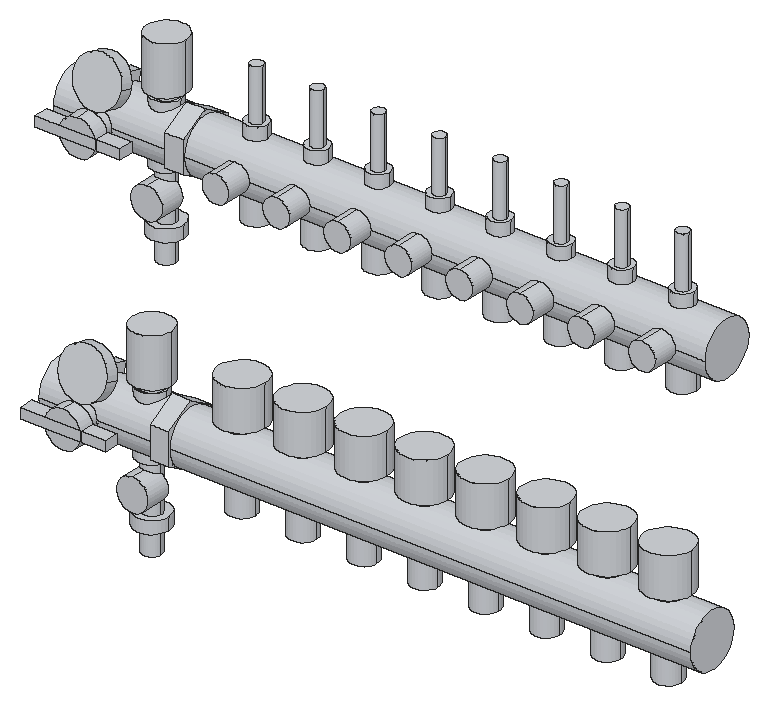
Revit family "318_f16c880827e94962872f661bd91b42", category Pipe Accessories, Revit 2017
Family settings
  Round Connector Dimension = Use Diameter
  Part Type = Valve - Normal
  Work Plane-Based = No
  Always vertical = Yes
  Cut with Voids When Loaded = No
  Shared = No
Parameters (values of type "R553FK108")
  magi_piping_qv_2_8 [instance] = 0.0 L/s
  magi_piping_qv_2_7 [instance] = 0.0 L/s
  magi_piping_qv_2_6 [instance] = 0.0 L/s
  magi_piping_qv_2_5 [instance] = 0.0 L/s
  magi_piping_qv_2_4 [instance] = 0.0 L/s
  magi_piping_qv_2_3 [instance] = 0.0 L/s
  magi_piping_qv_2_2 [instance] = 0.0 L/s
  magi_piping_qv_2_1 [instance] = 0.0 L/s
  magi_piping_qv_1_8 [instance] = 0.0 L/s
  magi_piping_qv_1_7 [instance] = 0.0 L/s
  magi_piping_qv_1_6 [instance] = 0.0 L/s
  magi_piping_qv_1_5 [instance] = 0.0 L/s
  magi_piping_qv_1_4 [instance] = 0.0 L/s
  magi_piping_qv_1_3 [instance] = 0.0 L/s
  magi_piping_qv_1_2 [instance] = 0.0 L/s
  magi_piping_qv_1_1 [instance] = 0.0 L/s
  magi_piping_qv [instance] = 0.0 L/s
  magi_piping_power_8 [instance] = 0 W
  magi_piping_power_7 [instance] = 0 W
  magi_piping_power_6 [instance] = 0 W
  magi_piping_power_5 [instance] = 0 W
  magi_piping_power_4 [instance] = 0 W
  magi_piping_power_3 [instance] = 0 W
  magi_piping_power_2 [instance] = 0 W
  magi_piping_power_1 [instance] = 0 W
  magi_piping_kv_8 [instance] = 0
  magi_piping_kv_7 [instance] = 0
  magi_piping_kv_6 [instance] = 0
  magi_piping_kv_5 [instance] = 0
  magi_piping_kv_4 [instance] = 0
  magi_piping_kv_3 [instance] = 0
  magi_piping_kv_2 [instance] = 0
  magi_piping_kv_1 [instance] = 0
  magi_piping_dpTot_8 [instance] = 0.0 Pa
  magi_piping_dpTot_7 [instance] = 0.0 Pa
  magi_piping_dpTot_6 [instance] = 0.0 Pa
  magi_piping_dpTot_5 [instance] = 0.0 Pa
  magi_piping_dpTot_4 [instance] = 0.0 Pa
  magi_piping_dpTot_3 [instance] = 0.0 Pa
  magi_piping_dpTot_2 [instance] = 0.0 Pa
  magi_piping_dpTot_1 [instance] = 0.0 Pa
  magi_adjustmentValue_8 [instance] = ""
  magi_adjustmentValue_7 [instance] = ""
  magi_adjustmentValue_6 [instance] = ""
  magi_adjustmentValue_5 [instance] = ""
  magi_adjustmentValue_4 [instance] = ""
  magi_adjustmentValue_3 [instance] = ""
  magi_adjustmentValue_2 [instance] = ""
  magi_adjustmentValue_1 [instance] = ""
  magiProductId = "f16c880827e94962872f661bd91b42"
  magiProductFamilyId = "f16c880827e94962872f661bd91b42"
  magiProductCode = "R553FK108"
  magiPartTypeId = 318
  Y = 15 mm
  VersionID = "2.0/2016.10.37.0/GIACOMINI_R553FK_001"
  URL = "http://www.giacomini.com/en"
  SMP = 25 mm
  SBP9 = 18 mm
  SBP8 = 18 mm
  SBP7 = 18 mm
  SBP6 = 18 mm
  SBP5 = 18 mm
  SBP4 = 18 mm
  SBP3 = 18 mm
  SBP2 = 18 mm
  SBP12 = 18 mm
  SBP11 = 18 mm
  SBP10 = 18 mm
  SBP1 = 18 mm
  RMP = 25 mm
  RBP9 = 18 mm
  RBP8 = 18 mm
  RBP7 = 18 mm
  RBP6 = 18 mm
  RBP5 = 18 mm
  RBP4 = 18 mm
  RBP3 = 18 mm
  RBP2 = 18 mm
  RBP12 = 18 mm
  RBP11 = 18 mm
  RBP10 = 18 mm
  RBP1 = 18 mm
  R2 = 22 mm
  QmdConnectorList = "321;SMP;322;SBP1;323;SBP2;324;SBP3;325;SBP4;326;SBP5;327;SBP6;328;SBP7;329;SBP8;351;RMP;352;RBP1;353;RBP2;354;RBP3;355;RBP4;356;RBP5;357;RBP6;358;RBP7;359;RBP8"
  Productdata [instance] = "© Progman Oy, all rights reserved"
  N9 = no
  N8 = yes
  N7 = yes
  N6 = yes
  N5 = yes
  N4 = yes
  N3 = yes
  N12 = no
  N11 = no
  N10 = no
  Manufacturer = "Giacomini"
  MC_Default_elevation = 0 mm
  L = 535 mm
  I = 50 mm
  H5 = 33 mm
  H4 = 5 mm
  H3__ve = -H3  # -40 mm
  H3 = 40 mm
  H2__ve = -H2  # -20 mm
  H2 = 20 mm
  H12 = 42 mm
  H11 = 10 mm
  Flow supply main [instance] = Flow supply 1 + Flow supply 2 + Flow supply 3 + Flow supply 4 + Flow supply 5 + Flow supply 6 + Flow supply 7 + Flow supply 8  # 0.0 L/s
  Flow supply 8 [instance] = 0.0 L/s
  Flow supply 7 [instance] = 0.0 L/s
  Flow supply 6 [instance] = 0.0 L/s
  Flow supply 5 [instance] = 0.0 L/s
  Flow supply 4 [instance] = 0.0 L/s
  Flow supply 3 [instance] = 0.0 L/s
  Flow supply 2 [instance] = 0.0 L/s
  Flow supply 1 [instance] = 0.0 L/s
  Flow return main [instance] = Flow return 1 + Flow return 2 + Flow return 3 + Flow return 4 + Flow return 5 + Flow return 6 + Flow return 7 + Flow return 8  # 0.0 L/s
  Flow return 8 [instance] = 0.0 L/s
  Flow return 7 [instance] = 0.0 L/s
  Flow return 6 [instance] = 0.0 L/s
  Flow return 5 [instance] = 0.0 L/s
  Flow return 4 [instance] = 0.0 L/s
  Flow return 3 [instance] = 0.0 L/s
  Flow return 2 [instance] = 0.0 L/s
  Flow return 1 [instance] = 0.0 L/s
  E = 208 mm
  Description = "PREASSEMBLED MANIFOLD KIT WITH FLOW METERS"
  D5 = 38 mm
  D4 = 22 mm
  D32 = 10 mm
  D31 = 18 mm
  D2 = 44 mm
  CAT0 = yes
  A = 149 mm
Reference planes
  plane 1 "Center (Front/Back)": y = 0
  plane 2 "XYPLANE": z = 0
  plane 3 "Center (Left/Right)": x = 0
  plane 4 "INIT_TEMP": y = 100
  plane 5 "414": y = -48
  plane 6 "413": z = -178
  plane 7 "412": y = -30
  plane 8 "411": z = -178
  plane 9 "410": z = -274
  plane 10 "409": z = -254
  plane 11 "408": z = -234
  plane 12 "407": z = -177
  plane 13 "406": z = -182
  plane 14 "405": y = -15
  plane 15 "404": z = 30
  plane 16 "403": y = -33
  plane 17 "402": x = 38
  plane 18 "401": z = 30
  plane 19 "400": z = -66
  plane 20 "399": z = -46
  plane 21 "398": z = -26
  plane 22 "397": z = 31
  plane 23 "396": x = 92
  plane 24 "395": z = 26
  plane 25 "394": x = 75
  plane 26 "393": z = -248
  plane 27 "392": z = -181
  plane 28 "391": z = -186
  plane 29 "390": z = -40
  plane 30 "389": x = 0
  plane 31 "388": y = 0
  plane 32 "387": y = -15
  plane 33 "386": z = -208
  plane 34 "385": z = 0
  plane 35 "384": z = 22
  plane 36 "383": x = 149
  plane 37 "382": x = 199
  plane 38 "381": y = -22
  plane 39 "380": x = 249
  plane 40 "379": z = 32
  plane 41 "378": x = 299
  plane 42 "377": x = 349
  plane 43 "376": x = 399
  plane 44 "375": x = 449
  plane 45 "374": x = 499
  plane 46 "373": x = 549
  plane 47 "372": x = 599
  plane 48 "371": x = 649
  plane 49 "370": x = 699
  plane 50 "1126": through (-712, -15, -178) normal (0, -0.2588, -0.9659)
  plane 51 "1127": through (-712, -30, -178) normal (0, 0.9659, -0.2588)
  plane 52 "1128": through (-712, -15, 30) normal (0, -0.9659, 0.2588)
  plane 53 "1129": through (-712, 0, 30) normal (0, 0.2588, 0.9659)
Forms (mm)
  Extrusion 1, solid
    sketch origin (750, -48, 0) x (-1, 0, 0) y (0, 0, 1)
      loop
        circle (712, -208) r 15
    from 0 to -12
  Extrusion 2, solid
    sketch origin (-712, -15, -178) x (1, 0, 0) y (0, -0.965926, 0.258819)
      loop
        line (746, -15) -> (754, -15) -> (754, 15) -> (746, 15) -> (746, -15)
    from 0 to 18
  Extrusion 3, solid
    sketch origin (750, -15, 0) x (-1, 0, 0) y (0, 0, 1)
      loop
        circle (712, -208) r 9
    from 0 to -33
  Extrusion 4, solid
    sketch origin (750, -48, 0) x (-1, 0, 0) y (0, 0, 1)
      loop
        line (677, -204) -> (677, -212) -> (747, -212) -> (747, -204) -> (677, -204)
    from 0 to -12
  Extrusion 5, solid
    sketch origin (-712, -30, -178) x (1, 0, 0) y (0, -0.258819, -0.965926)
      loop
        circle (750, 0) r 20
    from 0 to -10
  Extrusion 6, solid
    sketch origin (-750, 0, -182) x (1, 0, 0) y (0, 1, 0)
      loop
        circle (825, -15) r 12
    from 0 to -52
  Extrusion 7, solid
    sketch origin (92, -750, 0) x (0, 1, 0) y (0, 0, 1)
      loop
        line (735, -182) -> (712.483, -195) -> (712.483, -221) -> (735, -234) -> (757.517, -221) -> (757.517, -195) -> (735, -182)
    from 0 to 15
  Extrusion 8, solid
    sketch origin (-750, 0, -182) x (1, 0, 0) y (0, 1, 0)
      loop
        circle (825, -15) r 10
    from 0 to 5
  Extrusion 9, solid
    sketch origin (-750, 0, -177) x (1, 0, 0) y (0, 1, 0)
      loop
        circle (825, -15) r 16
    from 0 to 40
  Extrusion 10, solid
    sketch origin (-750, 0, -234) x (1, 0, 0) y (0, 1, 0)
      loop
        circle (825, -15) r 7.5
    from 0 to -70
  Extrusion 11, solid
    sketch origin (750, -15, 0) x (-1, 0, 0) y (0, 0, 1)
      loop
        circle (675, -254) r 13
    from 0 to -20
  Extrusion 12, solid
    sketch origin (-750, 0, -274) x (1, 0, 0) y (0, 1, 0)
      loop
        circle (825, -15) r 14
    from 0 to -10
  Extrusion 13, solid
    sketch origin (-712, -15, 30) x (1, 0, 0) y (0, 0.258819, 0.965926)
      loop
        circle (750, 0) r 20
    from 0 to 10
  Extrusion 14, solid
    sketch origin (750, -33, 0) x (-1, 0, 0) y (0, 0, 1)
      loop
        line (677, 4) -> (677, -4) -> (747, -4) -> (747, 4) -> (677, 4)
    from 0 to -12
  Extrusion 15, solid
    sketch origin (750, 0, 0) x (-1, 0, 0) y (0, 0, 1)
      loop
        circle (712, 0) r 9
    from 0 to -33
  Extrusion 16, solid
    sketch origin (-712, 0, 30) x (1, 0, 0) y (0, 0.965926, -0.258819)
      loop
        line (746, 15) -> (746, -15) -> (754, -15) -> (754, 15) -> (746, 15)
    from 0 to -18
  Extrusion 17, solid
    sketch origin (750, -33, 0) x (-1, 0, 0) y (0, 0, 1)
      loop
        circle (712, 0) r 15
    from 0 to -12
  Extrusion 18, solid
    sketch origin (-750, 0, -66) x (1, 0, 0) y (0, 1, 0)
      loop
        circle (825, 0) r 14
    from 0 to -10
  Extrusion 19, solid
    sketch origin (750, 0, 0) x (-1, 0, 0) y (0, 0, 1)
      loop
        circle (675, -46) r 13
    from 0 to -20
  Extrusion 20, solid
    sketch origin (-750, 0, -26) x (1, 0, 0) y (0, 1, 0)
      loop
        circle (825, 0) r 7.5
    from 0 to -70
  Extrusion 21, solid
    sketch origin (-750, 0, 31) x (1, 0, 0) y (0, 1, 0)
      loop
        circle (825, 0) r 16
    from 0 to 40
  Extrusion 22, solid
    sketch origin (-750, 0, 26) x (1, 0, 0) y (0, 1, 0)
      loop
        circle (825, 0) r 10
    from 0 to 5
  Extrusion 23, solid
    sketch origin (92, -750, 0) x (0, 1, 0) y (0, 0, 1)
      loop
        line (750, 26) -> (727.483, 13) -> (727.483, -13) -> (750, -26) -> (772.517, -13) -> (772.517, 13) -> (750, 26)
    from 0 to 15
  Extrusion 24, solid
    sketch origin (-750, 0, 26) x (1, 0, 0) y (0, 1, 0)
      loop
        circle (825, 0) r 12
    from 0 to -52
  Extrusion 25, solid, visible <- "N10"
    sketch origin (-750, 0, -208) x (1, 0, 0) y (0, 1, 0)
      loop
        circle (1349, -15) r 11
    from 0 to -40 <- "H3__ve"
  Extrusion 26, solid, visible <- "N10"
    sketch origin (-750, 0, -186) x (1, 0, 0) y (0, 1, 0)
      loop
        circle (1349, -15) r 11
    from 0 to 5 <- "H4"
  Extrusion 27, solid, visible <- "N10"
    sketch origin (-750, 0, -181) x (1, 0, 0) y (0, 1, 0)
      loop
        circle (1349, -15) r 19
    from 0 to 33 <- "H5"
  Extrusion 28, solid, visible <- "N12"
    sketch origin (-750, 0, -181) x (1, 0, 0) y (0, 1, 0)
      loop
        circle (1449, -15) r 19
    from 0 to 33 <- "H5"
  Extrusion 29, solid, visible <- "N12"
    sketch origin (-750, 0, -186) x (1, 0, 0) y (0, 1, 0)
      loop
        circle (1449, -15) r 11
    from 0 to 5 <- "H4"
  Extrusion 30, solid, visible <- "N12"
    sketch origin (-750, 0, -208) x (1, 0, 0) y (0, 1, 0)
      loop
        circle (1449, -15) r 11
    from 0 to -40 <- "H3__ve"
  Extrusion 31, solid, visible <- "N11"
    sketch origin (-750, 0, -208) x (1, 0, 0) y (0, 1, 0)
      loop
        circle (1399, -15) r 11
    from 0 to -40 <- "H3__ve"
  Extrusion 32, solid, visible <- "N11"
    sketch origin (-750, 0, -186) x (1, 0, 0) y (0, 1, 0)
      loop
        circle (1399, -15) r 11
    from 0 to 5 <- "H4"
  Extrusion 33, solid, visible <- "N11"
    sketch origin (-750, 0, -181) x (1, 0, 0) y (0, 1, 0)
      loop
        circle (1399, -15) r 19
    from 0 to 33 <- "H5"
  Extrusion 34, solid, visible <- "N8"
    sketch origin (-750, 0, -181) x (1, 0, 0) y (0, 1, 0)
      loop
        circle (1249, -15) r 19
    from 0 to 33 <- "H5"
  Extrusion 35, solid, visible <- "N8"
    sketch origin (-750, 0, -186) x (1, 0, 0) y (0, 1, 0)
      loop
        circle (1249, -15) r 11
    from 0 to 5 <- "H4"
  Extrusion 36, solid, visible <- "N8"
    sketch origin (-750, 0, -208) x (1, 0, 0) y (0, 1, 0)
      loop
        circle (1249, -15) r 11
    from 0 to -40 <- "H3__ve"
  Extrusion 37, solid, visible <- "N9"
    sketch origin (-750, 0, -208) x (1, 0, 0) y (0, 1, 0)
      loop
        circle (1299, -15) r 11
    from 0 to -40 <- "H3__ve"
  Extrusion 38, solid, visible <- "N9"
    sketch origin (-750, 0, -186) x (1, 0, 0) y (0, 1, 0)
      loop
        circle (1299, -15) r 11
    from 0 to 5 <- "H4"
  Extrusion 39, solid, visible <- "N9"
    sketch origin (-750, 0, -181) x (1, 0, 0) y (0, 1, 0)
      loop
        circle (1299, -15) r 19
    from 0 to 33 <- "H5"
  Extrusion 40, solid, visible <- "N7"
    sketch origin (-750, 0, -181) x (1, 0, 0) y (0, 1, 0)
      loop
        circle (1199, -15) r 19
    from 0 to 33 <- "H5"
  Extrusion 41, solid, visible <- "N7"
    sketch origin (-750, 0, -186) x (1, 0, 0) y (0, 1, 0)
      loop
        circle (1199, -15) r 11
    from 0 to 5 <- "H4"
  Extrusion 42, solid, visible <- "N7"
    sketch origin (-750, 0, -208) x (1, 0, 0) y (0, 1, 0)
      loop
        circle (1199, -15) r 11
    from 0 to -40 <- "H3__ve"
  Extrusion 43, solid, visible <- "N6"
    sketch origin (-750, 0, -208) x (1, 0, 0) y (0, 1, 0)
      loop
        circle (1149, -15) r 11
    from 0 to -40 <- "H3__ve"
  Extrusion 44, solid, visible <- "N6"
    sketch origin (-750, 0, -186) x (1, 0, 0) y (0, 1, 0)
      loop
        circle (1149, -15) r 11
    from 0 to 5 <- "H4"
  Extrusion 45, solid, visible <- "N6"
    sketch origin (-750, 0, -181) x (1, 0, 0) y (0, 1, 0)
      loop
        circle (1149, -15) r 19
    from 0 to 33 <- "H5"
  Extrusion 46, solid, visible <- "N5"
    sketch origin (-750, 0, -181) x (1, 0, 0) y (0, 1, 0)
      loop
        circle (1099, -15) r 19
    from 0 to 33 <- "H5"
  Extrusion 47, solid, visible <- "N5"
    sketch origin (-750, 0, -186) x (1, 0, 0) y (0, 1, 0)
      loop
        circle (1099, -15) r 11
    from 0 to 5 <- "H4"
  Extrusion 48, solid, visible <- "N5"
    sketch origin (-750, 0, -208) x (1, 0, 0) y (0, 1, 0)
      loop
        circle (1099, -15) r 11
    from 0 to -40 <- "H3__ve"
  Extrusion 49, solid, visible <- "N4"
    sketch origin (-750, 0, -208) x (1, 0, 0) y (0, 1, 0)
      loop
        circle (1049, -15) r 11
    from 0 to -40 <- "H3__ve"
  Extrusion 50, solid, visible <- "N4"
    sketch origin (-750, 0, -186) x (1, 0, 0) y (0, 1, 0)
      loop
        circle (1049, -15) r 11
    from 0 to 5 <- "H4"
  Extrusion 51, solid, visible <- "N4"
    sketch origin (-750, 0, -181) x (1, 0, 0) y (0, 1, 0)
      loop
        circle (1049, -15) r 19
    from 0 to 33 <- "H5"
  Extrusion 52, solid, visible <- "N3"
    sketch origin (-750, 0, -181) x (1, 0, 0) y (0, 1, 0)
      loop
        circle (999, -15) r 19
    from 0 to 33 <- "H5"
  Extrusion 53, solid, visible <- "N3"
    sketch origin (-750, 0, -186) x (1, 0, 0) y (0, 1, 0)
      loop
        circle (999, -15) r 11
    from 0 to 5 <- "H4"
  Extrusion 54, solid
    sketch origin (-750, 0, -186) x (1, 0, 0) y (0, 1, 0)
      loop
        circle (949, -15) r 11
    from 0 to 5 <- "H4"
  Extrusion 55, solid
    sketch origin (-750, 0, -181) x (1, 0, 0) y (0, 1, 0)
      loop
        circle (949, -15) r 19
    from 0 to 33 <- "H5"
  Extrusion 56, solid
    sketch origin (-750, 0, -181) x (1, 0, 0) y (0, 1, 0)
      loop
        circle (899, -15) r 19
    from 0 to 33 <- "H5"
  Extrusion 57, solid
    sketch origin (-750, 0, -186) x (1, 0, 0) y (0, 1, 0)
      loop
        circle (899, -15) r 11
    from 0 to 5 <- "H4"
  Extrusion 58, solid, visible <- "N3"
    sketch origin (-750, 0, -208) x (1, 0, 0) y (0, 1, 0)
      loop
        circle (999, -15) r 11
    from 0 to -40 <- "H3__ve"
  Extrusion 59, solid
    sketch origin (-750, 0, -208) x (1, 0, 0) y (0, 1, 0)
      loop
        circle (899, -15) r 11
    from 0 to -40 <- "H3__ve"
  Extrusion 60, solid
    sketch origin (-750, 0, -208) x (1, 0, 0) y (0, 1, 0)
      loop
        circle (949, -15) r 11
    from 0 to -40 <- "H3__ve"
  Extrusion 61, solid, visible <- "CAT0"
    sketch origin (0, -750, 0) x (0, 1, 0) y (0, 0, 1)
      loop
        circle (735, -208) r 22
    from 0 to 535 <- "L"
  Extrusion 62, solid, visible <- "N8"
    sketch origin (-750, 0, 0) x (1, 0, 0) y (0, 1, 0)
      loop
        circle (1249, 0) r 11
    from 0 to -40 <- "H3__ve"
  Extrusion 63, solid, visible <- "N9"
    sketch origin (-750, 0, 0) x (1, 0, 0) y (0, 1, 0)
      loop
        circle (1299, 0) r 11
    from 0 to -40 <- "H3__ve"
  Extrusion 64, solid, visible <- "N10"
    sketch origin (-750, 0, 0) x (1, 0, 0) y (0, 1, 0)
      loop
        circle (1349, 0) r 11
    from 0 to -40 <- "H3__ve"
  Extrusion 65, solid, visible <- "N11"
    sketch origin (-750, 0, 0) x (1, 0, 0) y (0, 1, 0)
      loop
        circle (1399, 0) r 11
    from 0 to -40 <- "H3__ve"
  Extrusion 66, solid, visible <- "N12"
    sketch origin (-750, 0, 0) x (1, 0, 0) y (0, 1, 0)
      loop
        circle (1449, 0) r 11
    from 0 to -40 <- "H3__ve"
  Extrusion 67, solid, visible <- "N7"
    sketch origin (-750, 0, 0) x (1, 0, 0) y (0, 1, 0)
      loop
        circle (1199, 0) r 11
    from 0 to -40 <- "H3__ve"
  Extrusion 68, solid, visible <- "N6"
    sketch origin (-750, 0, 0) x (1, 0, 0) y (0, 1, 0)
      loop
        circle (1149, 0) r 11
    from 0 to -40 <- "H3__ve"
  Extrusion 69, solid, visible <- "N5"
    sketch origin (-750, 0, 0) x (1, 0, 0) y (0, 1, 0)
      loop
        circle (1099, 0) r 11
    from 0 to -40 <- "H3__ve"
  Extrusion 70, solid, visible <- "N4"
    sketch origin (-750, 0, 0) x (1, 0, 0) y (0, 1, 0)
      loop
        circle (1049, 0) r 11
    from 0 to -40 <- "H3__ve"
  Extrusion 71, solid, visible <- "N3"
    sketch origin (-750, 0, 0) x (1, 0, 0) y (0, 1, 0)
      loop
        circle (999, 0) r 11
    from 0 to -40 <- "H3__ve"
  Extrusion 72, solid
    sketch origin (-750, 0, 0) x (1, 0, 0) y (0, 1, 0)
      loop
        circle (949, 0) r 11
    from 0 to -40 <- "H3__ve"
  Extrusion 73, solid
    sketch origin (-750, 0, 0) x (1, 0, 0) y (0, 1, 0)
      loop
        circle (899, 0) r 11
    from 0 to -40 <- "H3__ve"
  Extrusion 74, solid, visible <- "CAT0"
    sketch origin (0, -750, 0) x (0, 1, 0) y (0, 0, 1)
      loop
        circle (750, 0) r 22
    from 0 to 535 <- "L"
  Extrusion 75, solid
    sketch origin (-750, 0, 22) x (1, 0, 0) y (0, 1, 0)
      loop
        circle (899, 0) r 9
    from 0 to 10 <- "H11"
  Extrusion 76, solid
    sketch origin (750, -22, 0) x (-1, 0, 0) y (0, 0, 1)
      loop
        circle (601, 0) r 11
    from 0 to -20 <- "H2__ve"
  Extrusion 77, solid
    sketch origin (750, -22, 0) x (-1, 0, 0) y (0, 0, 1)
      loop
        circle (551, 0) r 11
    from 0 to -20 <- "H2__ve"
  Extrusion 78, solid, visible <- "N3"
    sketch origin (750, -22, 0) x (-1, 0, 0) y (0, 0, 1)
      loop
        circle (501, 0) r 11
    from 0 to -20 <- "H2__ve"
  Extrusion 79, solid
    sketch origin (-750, 0, 32) x (1, 0, 0) y (0, 1, 0)
      loop
        circle (899, 0) r 5
    from 0 to 42 <- "H12"
  Extrusion 80, solid
    sketch origin (-750, 0, 32) x (1, 0, 0) y (0, 1, 0)
      loop
        circle (949, 0) r 5
    from 0 to 42 <- "H12"
  Extrusion 81, solid
    sketch origin (-750, 0, 22) x (1, 0, 0) y (0, 1, 0)
      loop
        circle (949, 0) r 9
    from 0 to 10 <- "H11"
  Extrusion 82, solid, visible <- "N3"
    sketch origin (-750, 0, 22) x (1, 0, 0) y (0, 1, 0)
      loop
        circle (999, 0) r 9
    from 0 to 10 <- "H11"
  Extrusion 83, solid, visible <- "N3"
    sketch origin (-750, 0, 32) x (1, 0, 0) y (0, 1, 0)
      loop
        circle (999, 0) r 5
    from 0 to 42 <- "H12"
  Extrusion 84, solid, visible <- "N4"
    sketch origin (-750, 0, 32) x (1, 0, 0) y (0, 1, 0)
      loop
        circle (1049, 0) r 5
    from 0 to 42 <- "H12"
  Extrusion 85, solid, visible <- "N4"
    sketch origin (-750, 0, 22) x (1, 0, 0) y (0, 1, 0)
      loop
        circle (1049, 0) r 9
    from 0 to 10 <- "H11"
  Extrusion 86, solid, visible <- "N4"
    sketch origin (750, -22, 0) x (-1, 0, 0) y (0, 0, 1)
      loop
        circle (451, 0) r 11
    from 0 to -20 <- "H2__ve"
  Extrusion 87, solid, visible <- "N5"
    sketch origin (750, -22, 0) x (-1, 0, 0) y (0, 0, 1)
      loop
        circle (401, 0) r 11
    from 0 to -20 <- "H2__ve"
  Extrusion 88, solid, visible <- "N5"
    sketch origin (-750, 0, 22) x (1, 0, 0) y (0, 1, 0)
      loop
        circle (1099, 0) r 9
    from 0 to 10 <- "H11"
  Extrusion 89, solid, visible <- "N5"
    sketch origin (-750, 0, 32) x (1, 0, 0) y (0, 1, 0)
      loop
        circle (1099, 0) r 5
    from 0 to 42 <- "H12"
  Extrusion 90, solid, visible <- "N6"
    sketch origin (-750, 0, 32) x (1, 0, 0) y (0, 1, 0)
      loop
        circle (1149, 0) r 5
    from 0 to 42 <- "H12"
  Extrusion 91, solid, visible <- "N6"
    sketch origin (-750, 0, 22) x (1, 0, 0) y (0, 1, 0)
      loop
        circle (1149, 0) r 9
    from 0 to 10 <- "H11"
  Extrusion 92, solid, visible <- "N6"
    sketch origin (750, -22, 0) x (-1, 0, 0) y (0, 0, 1)
      loop
        circle (351, 0) r 11
    from 0 to -20 <- "H2__ve"
  Extrusion 93, solid, visible <- "N7"
    sketch origin (750, -22, 0) x (-1, 0, 0) y (0, 0, 1)
      loop
        circle (301, 0) r 11
    from 0 to -20 <- "H2__ve"
  Extrusion 94, solid, visible <- "N7"
    sketch origin (-750, 0, 22) x (1, 0, 0) y (0, 1, 0)
      loop
        circle (1199, 0) r 9
    from 0 to 10 <- "H11"
  Extrusion 95, solid, visible <- "N7"
    sketch origin (-750, 0, 32) x (1, 0, 0) y (0, 1, 0)
      loop
        circle (1199, 0) r 5
    from 0 to 42 <- "H12"
  Extrusion 96, solid, visible <- "N8"
    sketch origin (-750, 0, 32) x (1, 0, 0) y (0, 1, 0)
      loop
        circle (1249, 0) r 5
    from 0 to 42 <- "H12"
  Extrusion 97, solid, visible <- "N8"
    sketch origin (-750, 0, 22) x (1, 0, 0) y (0, 1, 0)
      loop
        circle (1249, 0) r 9
    from 0 to 10 <- "H11"
  Extrusion 98, solid, visible <- "N8"
    sketch origin (750, -22, 0) x (-1, 0, 0) y (0, 0, 1)
      loop
        circle (251, 0) r 11
    from 0 to -20 <- "H2__ve"
  Extrusion 99, solid, visible <- "N10"
    sketch origin (750, -22, 0) x (-1, 0, 0) y (0, 0, 1)
      loop
        circle (151, 0) r 11
    from 0 to -20 <- "H2__ve"
  Extrusion 100, solid, visible <- "N10"
    sketch origin (-750, 0, 22) x (1, 0, 0) y (0, 1, 0)
      loop
        circle (1349, 0) r 9
    from 0 to 10 <- "H11"
  Extrusion 101, solid, visible <- "N10"
    sketch origin (-750, 0, 32) x (1, 0, 0) y (0, 1, 0)
      loop
        circle (1349, 0) r 5
    from 0 to 42 <- "H12"
  Extrusion 102, solid, visible <- "N9"
    sketch origin (-750, 0, 32) x (1, 0, 0) y (0, 1, 0)
      loop
        circle (1299, 0) r 5
    from 0 to 42 <- "H12"
  Extrusion 103, solid, visible <- "N9"
    sketch origin (-750, 0, 22) x (1, 0, 0) y (0, 1, 0)
      loop
        circle (1299, 0) r 9
    from 0 to 10 <- "H11"
  Extrusion 104, solid, visible <- "N9"
    sketch origin (750, -22, 0) x (-1, 0, 0) y (0, 0, 1)
      loop
        circle (201, 0) r 11
    from 0 to -20 <- "H2__ve"
  Extrusion 105, solid, visible <- "N11"
    sketch origin (-750, 0, 32) x (1, 0, 0) y (0, 1, 0)
      loop
        circle (1399, 0) r 5
    from 0 to 42 <- "H12"
  Extrusion 106, solid, visible <- "N11"
    sketch origin (-750, 0, 22) x (1, 0, 0) y (0, 1, 0)
      loop
        circle (1399, 0) r 9
    from 0 to 10 <- "H11"
  Extrusion 107, solid, visible <- "N11"
    sketch origin (750, -22, 0) x (-1, 0, 0) y (0, 0, 1)
      loop
        circle (101, 0) r 11
    from 0 to -20 <- "H2__ve"
  Extrusion 108, solid, visible <- "N12"
    sketch origin (750, -22, 0) x (-1, 0, 0) y (0, 0, 1)
      loop
        circle (51, 0) r 11
    from 0 to -20 <- "H2__ve"
  Extrusion 109, solid, visible <- "N12"
    sketch origin (-750, 0, 22) x (1, 0, 0) y (0, 1, 0)
      loop
        circle (1449, 0) r 9
    from 0 to 10 <- "H11"
  Extrusion 110, solid, visible <- "N12"
    sketch origin (-750, 0, 32) x (1, 0, 0) y (0, 1, 0)
      loop
        circle (1449, 0) r 5
    from 0 to 42 <- "H12"
  Extrusion 111, solid, not visible
    sketch origin (-750, 0, -248) x (1, 0, 0) y (0, 1, 0)
      loop
        circle (1249, -15) r 10
    from 0 to 10
  Extrusion 112, solid, not visible
    sketch origin (-750, 0, -248) x (1, 0, 0) y (0, 1, 0)
      loop
        circle (1199, -15) r 10
    from 0 to 10
  Extrusion 113, solid, not visible
    sketch origin (-750, 0, -248) x (1, 0, 0) y (0, 1, 0)
      loop
        circle (1149, -15) r 10
    from 0 to 10
  Extrusion 114, solid, not visible
    sketch origin (-750, 0, -248) x (1, 0, 0) y (0, 1, 0)
      loop
        circle (1099, -15) r 10
    from 0 to 10
  Extrusion 115, solid, not visible
    sketch origin (-750, 0, -248) x (1, 0, 0) y (0, 1, 0)
      loop
        circle (1049, -15) r 10
    from 0 to 10
  Extrusion 116, solid, not visible
    sketch origin (-750, 0, -248) x (1, 0, 0) y (0, 1, 0)
      loop
        circle (949, -15) r 10
    from 0 to 10
  Extrusion 117, solid, not visible
    sketch origin (-750, 0, -248) x (1, 0, 0) y (0, 1, 0)
      loop
        circle (899, -15) r 10
    from 0 to 10
  Extrusion 118, solid, not visible
    sketch origin (-750, 0, -248) x (1, 0, 0) y (0, 1, 0)
      loop
        circle (999, -15) r 10
    from 0 to 10
  Extrusion 119, solid, not visible
    sketch origin (-750, 0, -40) x (1, 0, 0) y (0, 1, 0)
      loop
        circle (1249, 0) r 10
    from 0 to 10
  Extrusion 120, solid, not visible
    sketch origin (-750, 0, -40) x (1, 0, 0) y (0, 1, 0)
      loop
        circle (1199, 0) r 10
    from 0 to 10
  Extrusion 121, solid, not visible
    sketch origin (-750, 0, -40) x (1, 0, 0) y (0, 1, 0)
      loop
        circle (1149, 0) r 10
    from 0 to 10
  Extrusion 122, solid, not visible
    sketch origin (-750, 0, -40) x (1, 0, 0) y (0, 1, 0)
      loop
        circle (1099, 0) r 10
    from 0 to 10
  Extrusion 123, solid, not visible
    sketch origin (-750, 0, -40) x (1, 0, 0) y (0, 1, 0)
      loop
        circle (1049, 0) r 10
    from 0 to 10
  Extrusion 124, solid, not visible
    sketch origin (-750, 0, -40) x (1, 0, 0) y (0, 1, 0)
      loop
        circle (999, 0) r 10
    from 0 to 10
  Extrusion 125, solid, not visible
    sketch origin (0, -750, 0) x (0, 1, 0) y (0, 0, 1)
      loop
        circle (750, 0) r 10
    from 0 to 10
  Extrusion 126, solid, not visible
    sketch origin (0, -750, 0) x (0, 1, 0) y (0, 0, 1)
      loop
        circle (735, -208) r 10
    from 0 to 10
  Extrusion 127, solid, not visible
    sketch origin (-750, 0, -40) x (1, 0, 0) y (0, 1, 0)
      loop
        circle (899, 0) r 10
    from 0 to 10
  Extrusion 128, solid, not visible
    sketch origin (-750, 0, -40) x (1, 0, 0) y (0, 1, 0)
      loop
        circle (949, 0) r 10
    from 0 to 10
Text (mm)
  text "© Progman Oy, all rights reserved" at (-472.209, -2482.653, 0), in view "Ref. Level"
Dimensions and locks
  plane 4 "INIT_TEMP" to plane 1 "Center (Front/Back)" = 100 mm
  locked: plane 32 "387" to plane 5 "414" at 33
  locked: plane 33 "386" to plane 6 "413" at 30
  locked: plane 32 "387" to plane 7 "412" at 15
  locked: plane 33 "386" to plane 8 "411" at 30
  locked: plane 11 "408" to plane 9 "410" at 40
  locked: plane 11 "408" to plane 10 "409" at 20
  locked: plane 13 "406" to plane 11 "408" at 52
  locked: plane 13 "406" to plane 12 "407" at 5
  locked: plane 33 "386" to plane 13 "406" at 26
  locked: plane 1 "Center (Front/Back)" to plane 14 "405" at 15
  locked: plane 2 "XYPLANE" to plane 15 "404" at 30
  locked: plane 1 "Center (Front/Back)" to plane 16 "403" at 33
  locked: plane 3 "Center (Left/Right)" to plane 17 "402" at 38
  locked: plane 2 "XYPLANE" to plane 18 "401" at 30
  locked: plane 21 "398" to plane 19 "400" at 40
  locked: plane 21 "398" to plane 20 "399" at 20
  locked: plane 24 "395" to plane 21 "398" at 52
  locked: plane 24 "395" to plane 22 "397" at 5
  locked: plane 25 "394" to plane 23 "396" at 17
  locked: plane 2 "XYPLANE" to plane 24 "395" at 26
  locked: plane 3 "Center (Left/Right)" to plane 25 "394" at 75
  "H3": plane 33 "386" to plane 26 "393"
  "H4": plane 28 "391" to plane 27 "392"
  "R2": plane 33 "386" to plane 28 "391"
  "H3": plane 2 "XYPLANE" to plane 29 "390"
  locked: plane 3 "Center (Left/Right)" to plane 30 "389"
  locked: plane 1 "Center (Front/Back)" to plane 31 "388"
  "Y": plane 1 "Center (Front/Back)" to plane 32 "387"
  "E": plane 2 "XYPLANE" to plane 33 "386"
  locked: plane 2 "XYPLANE" to plane 34 "385"
  "R2": plane 2 "XYPLANE" to plane 35 "384"
  "A": plane 3 "Center (Left/Right)" to plane 36 "383"
  "I": plane 36 "383" to plane 37 "382"
  "R2": plane 1 "Center (Front/Back)" to plane 38 "381"
  "I": plane 37 "382" to plane 39 "380"
  "H11": plane 35 "384" to plane 40 "379"
  "I": plane 39 "380" to plane 41 "378"
  "I": plane 41 "378" to plane 42 "377"
  "I": plane 42 "377" to plane 43 "376"
  "I": plane 43 "376" to plane 44 "375"
  "I": plane 44 "375" to plane 45 "374"
  "I": plane 45 "374" to plane 46 "373"
  "I": plane 46 "373" to plane 47 "372"
  "I": plane 47 "372" to plane 48 "371"
  "I": plane 48 "371" to plane 49 "370"
  "D4": diameter of Extrusion 25 sketch curve
  "D4": diameter of Extrusion 26 sketch curve
  "D5": diameter of Extrusion 27 sketch curve
  "D5": diameter of Extrusion 28 sketch curve
  "D4": diameter of Extrusion 29 sketch curve
  "D4": diameter of Extrusion 30 sketch curve
  "D4": diameter of Extrusion 31 sketch curve
  "D4": diameter of Extrusion 32 sketch curve
  "D5": diameter of Extrusion 33 sketch curve
  "D5": diameter of Extrusion 34 sketch curve
  "D4": diameter of Extrusion 35 sketch curve
  "D4": diameter of Extrusion 36 sketch curve
  "D4": diameter of Extrusion 37 sketch curve
  "D4": diameter of Extrusion 38 sketch curve
  "D5": diameter of Extrusion 39 sketch curve
  "D5": diameter of Extrusion 40 sketch curve
  "D4": diameter of Extrusion 41 sketch curve
  "D4": diameter of Extrusion 42 sketch curve
  "D4": diameter of Extrusion 43 sketch curve
  "D4": diameter of Extrusion 44 sketch curve
  "D5": diameter of Extrusion 45 sketch curve
  "D5": diameter of Extrusion 46 sketch curve
  "D4": diameter of Extrusion 47 sketch curve
  "D4": diameter of Extrusion 48 sketch curve
  "D4": diameter of Extrusion 49 sketch curve
  "D4": diameter of Extrusion 50 sketch curve
  "D5": diameter of Extrusion 51 sketch curve
  "D5": diameter of Extrusion 52 sketch curve
  "D4": diameter of Extrusion 53 sketch curve
  "D4": diameter of Extrusion 54 sketch curve
  "D5": diameter of Extrusion 55 sketch curve
  "D5": diameter of Extrusion 56 sketch curve
  "D4": diameter of Extrusion 57 sketch curve
  "D4": diameter of Extrusion 58 sketch curve
  "D4": diameter of Extrusion 59 sketch curve
  "D4": diameter of Extrusion 60 sketch curve
  "D2": diameter of Extrusion 61 sketch curve
  "D4": diameter of Extrusion 62 sketch curve
  "D4": diameter of Extrusion 63 sketch curve
  "D4": diameter of Extrusion 64 sketch curve
  "D4": diameter of Extrusion 65 sketch curve
  "D4": diameter of Extrusion 66 sketch curve
  "D4": diameter of Extrusion 67 sketch curve
  "D4": diameter of Extrusion 68 sketch curve
  "D4": diameter of Extrusion 69 sketch curve
  "D4": diameter of Extrusion 70 sketch curve
  "D4": diameter of Extrusion 71 sketch curve
  "D4": diameter of Extrusion 72 sketch curve
  "D4": diameter of Extrusion 73 sketch curve
  "D2": diameter of Extrusion 74 sketch curve
  "D31": diameter of Extrusion 75 sketch curve
  "D4": diameter of Extrusion 76 sketch curve
  "D4": diameter of Extrusion 77 sketch curve
  "D4": diameter of Extrusion 78 sketch curve
  "D32": diameter of Extrusion 79 sketch curve
  "D32": diameter of Extrusion 80 sketch curve
  "D31": diameter of Extrusion 81 sketch curve
  "D31": diameter of Extrusion 82 sketch curve
  "D32": diameter of Extrusion 83 sketch curve
  "D32": diameter of Extrusion 84 sketch curve
  "D31": diameter of Extrusion 85 sketch curve
  "D4": diameter of Extrusion 86 sketch curve
  "D4": diameter of Extrusion 87 sketch curve
  "D31": diameter of Extrusion 88 sketch curve
  "D32": diameter of Extrusion 89 sketch curve
  "D32": diameter of Extrusion 90 sketch curve
  "D31": diameter of Extrusion 91 sketch curve
  "D4": diameter of Extrusion 92 sketch curve
  "D4": diameter of Extrusion 93 sketch curve
  "D31": diameter of Extrusion 94 sketch curve
  "D32": diameter of Extrusion 95 sketch curve
  "D32": diameter of Extrusion 96 sketch curve
  "D31": diameter of Extrusion 97 sketch curve
  "D4": diameter of Extrusion 98 sketch curve
  "D4": diameter of Extrusion 99 sketch curve
  "D31": diameter of Extrusion 100 sketch curve
  "D32": diameter of Extrusion 101 sketch curve
  "D32": diameter of Extrusion 102 sketch curve
  "D31": diameter of Extrusion 103 sketch curve
  "D4": diameter of Extrusion 104 sketch curve
  "D32": diameter of Extrusion 105 sketch curve
  "D31": diameter of Extrusion 106 sketch curve
  "D4": diameter of Extrusion 107 sketch curve
  "D4": diameter of Extrusion 108 sketch curve
  "D31": diameter of Extrusion 109 sketch curve
  "D32": diameter of Extrusion 110 sketch curve
  aligned and locked: level to plane 2 "XYPLANE"
  aligned and locked: plane 17 "402" to Extrusion 1 sketch curve
  aligned and locked: plane 33 "386" to Extrusion 1 sketch curve
  aligned and locked: plane 17 "402" to Extrusion 3 sketch curve
  aligned and locked: plane 33 "386" to Extrusion 3 sketch curve
  aligned and locked: plane 17 "402" to Extrusion 5 sketch curve
  aligned and locked: plane 25 "394" to Extrusion 6 sketch curve
  aligned and locked: plane 32 "387" to Extrusion 6 sketch curve
  aligned and locked: plane 25 "394" to Extrusion 8 sketch curve
  aligned and locked: plane 32 "387" to Extrusion 8 sketch curve
  aligned and locked: plane 25 "394" to Extrusion 9 sketch curve
  aligned and locked: plane 32 "387" to Extrusion 9 sketch curve
  aligned and locked: plane 25 "394" to Extrusion 10 sketch curve
  aligned and locked: plane 32 "387" to Extrusion 10 sketch curve
  aligned and locked: plane 10 "409" to Extrusion 11 sketch curve
  aligned and locked: plane 25 "394" to Extrusion 11 sketch curve
  aligned and locked: plane 25 "394" to Extrusion 12 sketch curve
  aligned and locked: plane 32 "387" to Extrusion 12 sketch curve
  aligned and locked: plane 17 "402" to Extrusion 13 sketch curve
  aligned and locked: plane 17 "402" to Extrusion 15 sketch curve
  aligned and locked: plane 34 "385" to Extrusion 15 sketch curve
  aligned and locked: plane 17 "402" to Extrusion 17 sketch curve
  aligned and locked: plane 34 "385" to Extrusion 17 sketch curve
  aligned and locked: plane 25 "394" to Extrusion 18 sketch curve
  aligned and locked: plane 31 "388" to Extrusion 18 sketch curve
  aligned and locked: plane 20 "399" to Extrusion 19 sketch curve
  aligned and locked: plane 25 "394" to Extrusion 19 sketch curve
  aligned and locked: plane 25 "394" to Extrusion 20 sketch curve
  aligned and locked: plane 31 "388" to Extrusion 20 sketch curve
  aligned and locked: plane 25 "394" to Extrusion 21 sketch curve
  aligned and locked: plane 31 "388" to Extrusion 21 sketch curve
  aligned and locked: plane 25 "394" to Extrusion 22 sketch curve
  aligned and locked: plane 31 "388" to Extrusion 22 sketch curve
  aligned and locked: plane 25 "394" to Extrusion 24 sketch curve
  aligned and locked: plane 31 "388" to Extrusion 24 sketch curve
  aligned and locked: plane 32 "387" to Extrusion 25 sketch curve
  aligned and locked: plane 47 "372" to Extrusion 25 sketch curve
  aligned and locked: plane 32 "387" to Extrusion 26 sketch curve
  aligned and locked: plane 47 "372" to Extrusion 26 sketch curve
  aligned and locked: plane 32 "387" to Extrusion 27 sketch curve
  aligned and locked: plane 47 "372" to Extrusion 27 sketch curve
  aligned and locked: plane 32 "387" to Extrusion 28 sketch curve
  aligned and locked: plane 49 "370" to Extrusion 28 sketch curve
  aligned and locked: plane 32 "387" to Extrusion 29 sketch curve
  aligned and locked: plane 49 "370" to Extrusion 29 sketch curve
  aligned and locked: plane 32 "387" to Extrusion 30 sketch curve
  aligned and locked: plane 49 "370" to Extrusion 30 sketch curve
  aligned and locked: plane 32 "387" to Extrusion 31 sketch curve
  aligned and locked: plane 48 "371" to Extrusion 31 sketch curve
  aligned and locked: plane 32 "387" to Extrusion 32 sketch curve
  aligned and locked: plane 48 "371" to Extrusion 32 sketch curve
  aligned and locked: plane 32 "387" to Extrusion 33 sketch curve
  aligned and locked: plane 48 "371" to Extrusion 33 sketch curve
  aligned and locked: plane 32 "387" to Extrusion 34 sketch curve
  aligned and locked: plane 45 "374" to Extrusion 34 sketch curve
  aligned and locked: plane 32 "387" to Extrusion 35 sketch curve
  aligned and locked: plane 45 "374" to Extrusion 35 sketch curve
  aligned and locked: plane 32 "387" to Extrusion 36 sketch curve
  aligned and locked: plane 45 "374" to Extrusion 36 sketch curve
  aligned and locked: plane 32 "387" to Extrusion 37 sketch curve
  aligned and locked: plane 46 "373" to Extrusion 37 sketch curve
  aligned and locked: plane 32 "387" to Extrusion 38 sketch curve
  aligned and locked: plane 46 "373" to Extrusion 38 sketch curve
  aligned and locked: plane 32 "387" to Extrusion 39 sketch curve
  aligned and locked: plane 46 "373" to Extrusion 39 sketch curve
  aligned and locked: plane 32 "387" to Extrusion 40 sketch curve
  aligned and locked: plane 44 "375" to Extrusion 40 sketch curve
  aligned and locked: plane 32 "387" to Extrusion 41 sketch curve
  aligned and locked: plane 44 "375" to Extrusion 41 sketch curve
  aligned and locked: plane 32 "387" to Extrusion 42 sketch curve
  aligned and locked: plane 44 "375" to Extrusion 42 sketch curve
  aligned and locked: plane 32 "387" to Extrusion 43 sketch curve
  aligned and locked: plane 43 "376" to Extrusion 43 sketch curve
  aligned and locked: plane 32 "387" to Extrusion 44 sketch curve
  aligned and locked: plane 43 "376" to Extrusion 44 sketch curve
  aligned and locked: plane 32 "387" to Extrusion 45 sketch curve
  aligned and locked: plane 43 "376" to Extrusion 45 sketch curve
  aligned and locked: plane 32 "387" to Extrusion 46 sketch curve
  aligned and locked: plane 42 "377" to Extrusion 46 sketch curve
  aligned and locked: plane 32 "387" to Extrusion 47 sketch curve
  aligned and locked: plane 42 "377" to Extrusion 47 sketch curve
  aligned and locked: plane 32 "387" to Extrusion 48 sketch curve
  aligned and locked: plane 42 "377" to Extrusion 48 sketch curve
  aligned and locked: plane 32 "387" to Extrusion 49 sketch curve
  aligned and locked: plane 41 "378" to Extrusion 49 sketch curve
  aligned and locked: plane 32 "387" to Extrusion 50 sketch curve
  aligned and locked: plane 41 "378" to Extrusion 50 sketch curve
  aligned and locked: plane 32 "387" to Extrusion 51 sketch curve
  aligned and locked: plane 41 "378" to Extrusion 51 sketch curve
  aligned and locked: plane 32 "387" to Extrusion 52 sketch curve
  aligned and locked: plane 39 "380" to Extrusion 52 sketch curve
  aligned and locked: plane 32 "387" to Extrusion 53 sketch curve
  aligned and locked: plane 39 "380" to Extrusion 53 sketch curve
  aligned and locked: plane 32 "387" to Extrusion 54 sketch curve
  aligned and locked: plane 37 "382" to Extrusion 54 sketch curve
  aligned and locked: plane 32 "387" to Extrusion 55 sketch curve
  aligned and locked: plane 37 "382" to Extrusion 55 sketch curve
  aligned and locked: plane 32 "387" to Extrusion 56 sketch curve
  aligned and locked: plane 36 "383" to Extrusion 56 sketch curve
  aligned and locked: plane 32 "387" to Extrusion 57 sketch curve
  aligned and locked: plane 36 "383" to Extrusion 57 sketch curve
  aligned and locked: plane 32 "387" to Extrusion 58 sketch curve
  aligned and locked: plane 39 "380" to Extrusion 58 sketch curve
  aligned and locked: plane 32 "387" to Extrusion 59 sketch curve
  aligned and locked: plane 36 "383" to Extrusion 59 sketch curve
  aligned and locked: plane 32 "387" to Extrusion 60 sketch curve
  aligned and locked: plane 37 "382" to Extrusion 60 sketch curve
  aligned and locked: Extrusion 61 sketch curve to plane 32 "387"
  aligned and locked: plane 33 "386" to Extrusion 61 sketch curve
  aligned and locked: plane 31 "388" to Extrusion 62 sketch curve
  aligned and locked: plane 45 "374" to Extrusion 62 sketch curve
  aligned and locked: plane 31 "388" to Extrusion 63 sketch curve
  aligned and locked: plane 46 "373" to Extrusion 63 sketch curve
  aligned and locked: plane 31 "388" to Extrusion 64 sketch curve
  aligned and locked: plane 47 "372" to Extrusion 64 sketch curve
  aligned and locked: plane 31 "388" to Extrusion 65 sketch curve
  aligned and locked: plane 48 "371" to Extrusion 65 sketch curve
  aligned and locked: plane 31 "388" to Extrusion 66 sketch curve
  aligned and locked: plane 49 "370" to Extrusion 66 sketch curve
  aligned and locked: plane 31 "388" to Extrusion 67 sketch curve
  aligned and locked: plane 44 "375" to Extrusion 67 sketch curve
  aligned and locked: plane 31 "388" to Extrusion 68 sketch curve
  aligned and locked: plane 43 "376" to Extrusion 68 sketch curve
  aligned and locked: plane 31 "388" to Extrusion 69 sketch curve
  aligned and locked: plane 42 "377" to Extrusion 69 sketch curve
  aligned and locked: plane 31 "388" to Extrusion 70 sketch curve
  aligned and locked: plane 41 "378" to Extrusion 70 sketch curve
  aligned and locked: plane 31 "388" to Extrusion 71 sketch curve
  aligned and locked: plane 39 "380" to Extrusion 71 sketch curve
  aligned and locked: plane 31 "388" to Extrusion 72 sketch curve
  aligned and locked: plane 37 "382" to Extrusion 72 sketch curve
  aligned and locked: plane 31 "388" to Extrusion 73 sketch curve
  aligned and locked: plane 36 "383" to Extrusion 73 sketch curve
  aligned and locked: Extrusion 74 sketch curve to plane 31 "388"
  aligned and locked: plane 34 "385" to Extrusion 74 sketch curve
  aligned and locked: plane 31 "388" to Extrusion 75 sketch curve
  aligned and locked: plane 36 "383" to Extrusion 75 sketch curve
  aligned and locked: plane 34 "385" to Extrusion 76 sketch curve
  aligned and locked: plane 36 "383" to Extrusion 76 sketch curve
  aligned and locked: plane 34 "385" to Extrusion 77 sketch curve
  aligned and locked: plane 37 "382" to Extrusion 77 sketch curve
  aligned and locked: plane 34 "385" to Extrusion 78 sketch curve
  aligned and locked: plane 39 "380" to Extrusion 78 sketch curve
  aligned and locked: plane 31 "388" to Extrusion 79 sketch curve
  aligned and locked: plane 36 "383" to Extrusion 79 sketch curve
  aligned and locked: plane 31 "388" to Extrusion 80 sketch curve
  aligned and locked: plane 37 "382" to Extrusion 80 sketch curve
  aligned and locked: plane 31 "388" to Extrusion 81 sketch curve
  aligned and locked: plane 37 "382" to Extrusion 81 sketch curve
  aligned and locked: plane 31 "388" to Extrusion 82 sketch curve
  aligned and locked: plane 39 "380" to Extrusion 82 sketch curve
  aligned and locked: plane 31 "388" to Extrusion 83 sketch curve
  aligned and locked: plane 39 "380" to Extrusion 83 sketch curve
  aligned and locked: plane 31 "388" to Extrusion 84 sketch curve
  aligned and locked: plane 41 "378" to Extrusion 84 sketch curve
  aligned and locked: plane 31 "388" to Extrusion 85 sketch curve
  aligned and locked: plane 41 "378" to Extrusion 85 sketch curve
  aligned and locked: plane 34 "385" to Extrusion 86 sketch curve
  aligned and locked: plane 41 "378" to Extrusion 86 sketch curve
  aligned and locked: plane 34 "385" to Extrusion 87 sketch curve
  aligned and locked: plane 42 "377" to Extrusion 87 sketch curve
  aligned and locked: plane 31 "388" to Extrusion 88 sketch curve
  aligned and locked: plane 42 "377" to Extrusion 88 sketch curve
  aligned and locked: plane 31 "388" to Extrusion 89 sketch curve
  aligned and locked: plane 42 "377" to Extrusion 89 sketch curve
  aligned and locked: plane 31 "388" to Extrusion 90 sketch curve
  aligned and locked: plane 43 "376" to Extrusion 90 sketch curve
  aligned and locked: plane 31 "388" to Extrusion 91 sketch curve
  aligned and locked: plane 43 "376" to Extrusion 91 sketch curve
  aligned and locked: plane 34 "385" to Extrusion 92 sketch curve
  aligned and locked: plane 43 "376" to Extrusion 92 sketch curve
  aligned and locked: plane 34 "385" to Extrusion 93 sketch curve
  aligned and locked: plane 44 "375" to Extrusion 93 sketch curve
  aligned and locked: plane 31 "388" to Extrusion 94 sketch curve
  aligned and locked: plane 44 "375" to Extrusion 94 sketch curve
  aligned and locked: plane 31 "388" to Extrusion 95 sketch curve
  aligned and locked: plane 44 "375" to Extrusion 95 sketch curve
  aligned and locked: plane 31 "388" to Extrusion 96 sketch curve
  aligned and locked: plane 45 "374" to Extrusion 96 sketch curve
  aligned and locked: plane 31 "388" to Extrusion 97 sketch curve
  aligned and locked: plane 45 "374" to Extrusion 97 sketch curve
  aligned and locked: plane 34 "385" to Extrusion 98 sketch curve
  aligned and locked: plane 45 "374" to Extrusion 98 sketch curve
  aligned and locked: plane 34 "385" to Extrusion 99 sketch curve
  aligned and locked: plane 47 "372" to Extrusion 99 sketch curve
  aligned and locked: plane 31 "388" to Extrusion 100 sketch curve
  aligned and locked: plane 47 "372" to Extrusion 100 sketch curve
  aligned and locked: plane 31 "388" to Extrusion 101 sketch curve
  aligned and locked: plane 47 "372" to Extrusion 101 sketch curve
  aligned and locked: plane 31 "388" to Extrusion 102 sketch curve
  aligned and locked: plane 46 "373" to Extrusion 102 sketch curve
  aligned and locked: plane 31 "388" to Extrusion 103 sketch curve
  aligned and locked: plane 46 "373" to Extrusion 103 sketch curve
  aligned and locked: plane 34 "385" to Extrusion 104 sketch curve
  aligned and locked: plane 46 "373" to Extrusion 104 sketch curve
  aligned and locked: plane 31 "388" to Extrusion 105 sketch curve
  aligned and locked: plane 48 "371" to Extrusion 105 sketch curve
  aligned and locked: plane 31 "388" to Extrusion 106 sketch curve
  aligned and locked: plane 48 "371" to Extrusion 106 sketch curve
  aligned and locked: plane 34 "385" to Extrusion 107 sketch curve
  aligned and locked: plane 48 "371" to Extrusion 107 sketch curve
  aligned and locked: plane 34 "385" to Extrusion 108 sketch curve
  aligned and locked: plane 49 "370" to Extrusion 108 sketch curve
  aligned and locked: plane 31 "388" to Extrusion 109 sketch curve
  aligned and locked: plane 49 "370" to Extrusion 109 sketch curve
  aligned and locked: plane 31 "388" to Extrusion 110 sketch curve
  aligned and locked: plane 49 "370" to Extrusion 110 sketch curve
  aligned and locked: plane 32 "387" to Extrusion 111 sketch curve
  aligned and locked: plane 45 "374" to Extrusion 111 sketch curve
  aligned and locked: plane 32 "387" to Extrusion 112 sketch curve
  aligned and locked: plane 44 "375" to Extrusion 112 sketch curve
  aligned and locked: plane 32 "387" to Extrusion 113 sketch curve
  aligned and locked: plane 43 "376" to Extrusion 113 sketch curve
  aligned and locked: plane 32 "387" to Extrusion 114 sketch curve
  aligned and locked: plane 42 "377" to Extrusion 114 sketch curve
  aligned and locked: plane 32 "387" to Extrusion 115 sketch curve
  aligned and locked: plane 41 "378" to Extrusion 115 sketch curve
  aligned and locked: plane 32 "387" to Extrusion 116 sketch curve
  aligned and locked: plane 37 "382" to Extrusion 116 sketch curve
  aligned and locked: plane 32 "387" to Extrusion 117 sketch curve
  aligned and locked: plane 36 "383" to Extrusion 117 sketch curve
  aligned and locked: plane 32 "387" to Extrusion 118 sketch curve
  aligned and locked: plane 39 "380" to Extrusion 118 sketch curve
  aligned and locked: plane 31 "388" to Extrusion 119 sketch curve
  aligned and locked: plane 45 "374" to Extrusion 119 sketch curve
  aligned and locked: plane 31 "388" to Extrusion 120 sketch curve
  aligned and locked: plane 44 "375" to Extrusion 120 sketch curve
  aligned and locked: plane 31 "388" to Extrusion 121 sketch curve
  aligned and locked: plane 43 "376" to Extrusion 121 sketch curve
  aligned and locked: plane 31 "388" to Extrusion 122 sketch curve
  aligned and locked: plane 42 "377" to Extrusion 122 sketch curve
  aligned and locked: plane 31 "388" to Extrusion 123 sketch curve
  aligned and locked: plane 41 "378" to Extrusion 123 sketch curve
  aligned and locked: plane 31 "388" to Extrusion 124 sketch curve
  aligned and locked: plane 39 "380" to Extrusion 124 sketch curve
  aligned and locked: Extrusion 125 sketch curve to plane 31 "388"
  aligned and locked: plane 34 "385" to Extrusion 125 sketch curve
  aligned and locked: Extrusion 126 sketch curve to plane 32 "387"
  aligned and locked: plane 33 "386" to Extrusion 126 sketch curve
  aligned and locked: plane 31 "388" to Extrusion 127 sketch curve
  aligned and locked: plane 36 "383" to Extrusion 127 sketch curve
  aligned and locked: plane 31 "388" to Extrusion 128 sketch curve
  aligned and locked: plane 37 "382" to Extrusion 128 sketch curve
Automatic sketch dimensions
  plane 11 "408" to Extrusion 1 sketch curve = 11 mm
  Extrusion 2 sketch curve to plane 17 "402" = 4 mm
  Extrusion 2 sketch curve to plane 51 "1127" = 0.511 mm
  plane 17 "402" to Extrusion 2 sketch curve = 4 mm
  plane 51 "1127" to Extrusion 2 sketch curve = 29.489 mm
  Extrusion 3 sketch curve to plane 33 "386" = 9 mm
  Extrusion 4 sketch curve to plane 25 "394" = 2 mm
  plane 3 "Center (Left/Right)" to Extrusion 4 sketch curve = 3 mm
  Extrusion 4 sketch curve to plane 33 "386" = 4 mm
  plane 33 "386" to Extrusion 4 sketch curve = 4 mm
  plane 50 "1126" to Extrusion 5 sketch curve = 3.882 mm
  plane 3 "Center (Left/Right)" to Extrusion 5 sketch curve = 18 mm
  Extrusion 6 sketch curve to plane 25 "394" = 12 mm
  Extrusion 7 sketch curve to plane 13 "406" = 0 mm
  Extrusion 7 sketch curve to plane 14 "405" = 0 mm  (x2)
  Extrusion 7 sketch curve to plane 11 "408" = 0 mm
  Extrusion 7 sketch curve to plane 16 "403" = 4.517 mm
  Extrusion 7 sketch curve to plane 1 "Center (Front/Back)" = 7.517 mm
  plane 11 "408" to Extrusion 7 sketch curve = 13 mm  (x2)
  Extrusion 7 sketch curve to plane 28 "391" = 9 mm  (x2)
  Extrusion 8 sketch curve to plane 25 "394" = 10 mm
  Extrusion 9 sketch curve to plane 25 "394" = 16 mm
  Extrusion 10 sketch curve to plane 25 "394" = 7.5 mm
  plane 9 "410" to Extrusion 11 sketch curve = 7 mm
  Extrusion 12 sketch curve to plane 25 "394" = 14 mm
  Extrusion 13 sketch curve to plane 53 "1129" = 3.882 mm
  plane 3 "Center (Left/Right)" to Extrusion 13 sketch curve = 18 mm
  Extrusion 14 sketch curve to plane 25 "394" = 2 mm
  plane 3 "Center (Left/Right)" to Extrusion 14 sketch curve = 3 mm
  Extrusion 14 sketch curve to level = 4 mm
  level to Extrusion 14 sketch curve = 4 mm
  Extrusion 15 sketch curve to level = 9 mm
  Extrusion 16 sketch curve to plane 17 "402" = 4 mm
  plane 52 "1128" to Extrusion 16 sketch curve = 0.511 mm
  plane 17 "402" to Extrusion 16 sketch curve = 4 mm
  Extrusion 16 sketch curve to plane 51 "1127" = 9.857 mm
  plane 21 "398" to Extrusion 17 sketch curve = 11 mm
  Extrusion 18 sketch curve to plane 25 "394" = 14 mm
  plane 19 "400" to Extrusion 19 sketch curve = 7 mm
  Extrusion 20 sketch curve to plane 25 "394" = 7.5 mm
  Extrusion 21 sketch curve to plane 25 "394" = 16 mm
  Extrusion 22 sketch curve to plane 25 "394" = 10 mm
  Extrusion 23 sketch curve to plane 1 "Center (Front/Back)" = 0 mm  (x2)
  Extrusion 23 sketch curve to plane 21 "398" = 0 mm
  Extrusion 23 sketch curve to plane 24 "395" = 0 mm
  Extrusion 23 sketch curve to plane 38 "381" = 0.517 mm
  Extrusion 23 sketch curve to plane 35 "384" = 9 mm  (x2)
  Extrusion 23 sketch curve to plane 1 "Center (Front/Back)" = 22.517 mm
  Extrusion 23 sketch curve to level = 13 mm  (x2)
  Extrusion 24 sketch curve to plane 25 "394" = 12 mm
  Extrusion 111 sketch curve to plane 38 "381" = 3 mm
  Extrusion 112 sketch curve to plane 38 "381" = 3 mm
  Extrusion 113 sketch curve to plane 38 "381" = 3 mm
  Extrusion 114 sketch curve to plane 38 "381" = 3 mm
  Extrusion 115 sketch curve to plane 38 "381" = 3 mm
  Extrusion 116 sketch curve to plane 38 "381" = 3 mm
  Extrusion 117 sketch curve to plane 38 "381" = 3 mm
  Extrusion 118 sketch curve to plane 38 "381" = 3 mm
  plane 14 "405" to Extrusion 119 sketch curve = 5 mm
  plane 14 "405" to Extrusion 120 sketch curve = 5 mm
  plane 14 "405" to Extrusion 121 sketch curve = 5 mm
  plane 14 "405" to Extrusion 122 sketch curve = 5 mm
  plane 14 "405" to Extrusion 123 sketch curve = 5 mm
  plane 14 "405" to Extrusion 124 sketch curve = 5 mm
  plane 14 "405" to Extrusion 125 sketch curve = 5 mm
  Extrusion 126 sketch curve to plane 38 "381" = 3 mm
  plane 14 "405" to Extrusion 127 sketch curve = 5 mm
  plane 14 "405" to Extrusion 128 sketch curve = 5 mm
Connectors
  piping at (0, 0, 0), diameter 25, driven by "Flow supply main", driven by "SMP"
    settings: on Extrusion 125, index 1, connector inside diameter 609.6 mm, connector length 0 mm, flow factor 0, pipe flow 0.0 L/s, pressure drop 0.0 Pa, fitting loss kfactor 0, connector angle 0.00°, fixture units 0, engagement length 0 mm, angle of deflection 0.00°, flow configuration 1, flow direction 1, fitting loss method 0, system type 7, joint type 0, gender type 0, connector reference index -1, connector utility 0, adjustable connector no, is connector primary yes, connector description "Main_1_1"
  piping at (149, 0, -40), diameter 18, driven by "Flow supply 1", driven by "SBP1"
    settings: on Extrusion 127, index 2, connector inside diameter 609.6 mm, connector length 0 mm, flow factor 0, pipe flow 0.0 L/s, pressure drop 0.0 Pa, fitting loss kfactor 0, connector angle 0.00°, fixture units 0, engagement length 0 mm, angle of deflection 0.00°, flow configuration 0, flow direction 2, fitting loss method 0, system type 7, joint type 0, gender type 0, connector reference index -1, connector utility 0, adjustable connector no, is connector primary no, connector description "Branch_1_1"
  piping at (199, 0, -40), diameter 18, driven by "Flow supply 2", driven by "SBP2"
    settings: on Extrusion 128, index 3, connector inside diameter 609.6 mm, connector length 0 mm, flow factor 0, pipe flow 0.0 L/s, pressure drop 0.0 Pa, fitting loss kfactor 0, connector angle 0.00°, fixture units 0, engagement length 0 mm, angle of deflection 0.00°, flow configuration 0, flow direction 2, fitting loss method 0, system type 7, joint type 0, gender type 0, connector reference index -1, connector utility 0, adjustable connector no, is connector primary no, connector description "Branch_1_2"
  piping at (249, 0, -40), diameter 18, driven by "Flow supply 3", driven by "SBP3"
    settings: on Extrusion 124, index 4, connector inside diameter 609.6 mm, connector length 0 mm, flow factor 0, pipe flow 0.0 L/s, pressure drop 0.0 Pa, fitting loss kfactor 0, connector angle 0.00°, fixture units 0, engagement length 0 mm, angle of deflection 0.00°, flow configuration 0, flow direction 2, fitting loss method 0, system type 7, joint type 0, gender type 0, connector reference index -1, connector utility 0, adjustable connector no, is connector primary no, connector description "Branch_1_3"
  piping at (299, 0, -40), diameter 18, driven by "Flow supply 4", driven by "SBP4"
    settings: on Extrusion 123, index 5, connector inside diameter 609.6 mm, connector length 0 mm, flow factor 0, pipe flow 0.0 L/s, pressure drop 0.0 Pa, fitting loss kfactor 0, connector angle 0.00°, fixture units 0, engagement length 0 mm, angle of deflection 0.00°, flow configuration 0, flow direction 2, fitting loss method 0, system type 7, joint type 0, gender type 0, connector reference index -1, connector utility 0, adjustable connector no, is connector primary no, connector description "Branch_1_4"
  piping at (349, 0, -40), diameter 18, driven by "Flow supply 5", driven by "SBP5"
    settings: on Extrusion 122, index 6, connector inside diameter 609.6 mm, connector length 0 mm, flow factor 0, pipe flow 0.0 L/s, pressure drop 0.0 Pa, fitting loss kfactor 0, connector angle 0.00°, fixture units 0, engagement length 0 mm, angle of deflection 0.00°, flow configuration 0, flow direction 2, fitting loss method 0, system type 7, joint type 0, gender type 0, connector reference index -1, connector utility 0, adjustable connector no, is connector primary no, connector description "Branch_1_5"
  piping at (399, 0, -40), diameter 18, driven by "Flow supply 6", driven by "SBP6"
    settings: on Extrusion 121, index 7, connector inside diameter 609.6 mm, connector length 0 mm, flow factor 0, pipe flow 0.0 L/s, pressure drop 0.0 Pa, fitting loss kfactor 0, connector angle 0.00°, fixture units 0, engagement length 0 mm, angle of deflection 0.00°, flow configuration 0, flow direction 2, fitting loss method 0, system type 7, joint type 0, gender type 0, connector reference index -1, connector utility 0, adjustable connector no, is connector primary no, connector description "Branch_1_6"
  piping at (449, 0, -40), diameter 18, driven by "Flow supply 7", driven by "SBP7"
    settings: on Extrusion 120, index 8, connector inside diameter 609.6 mm, connector length 0 mm, flow factor 0, pipe flow 0.0 L/s, pressure drop 0.0 Pa, fitting loss kfactor 0, connector angle 0.00°, fixture units 0, engagement length 0 mm, angle of deflection 0.00°, flow configuration 0, flow direction 2, fitting loss method 0, system type 7, joint type 0, gender type 0, connector reference index -1, connector utility 0, adjustable connector no, is connector primary no, connector description "Branch_1_7"
